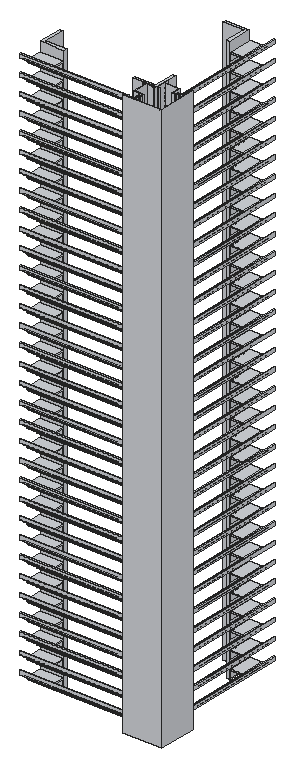
Revit family "ES-EL-2 (Box Corner)", category Mechanical Equipment, Revit 2015 (continued)
Automatic sketch dimensions
  Extrusion 64 sketch curve to Extrusion 64 sketch curve = 0' - 0.04794"
  Extrusion 64 sketch curve to Extrusion 64 sketch curve = 0' - 0.09251"
  Extrusion 64 sketch curve to Extrusion 64 sketch curve = 0' - 0.01641"
  Extrusion 64 sketch curve to Extrusion 64 sketch curve = 0' - 0.10787"
  Extrusion 64 sketch curve to Extrusion 64 sketch curve = 0' - 0.07052"
  Extrusion 64 sketch curve to Extrusion 64 sketch curve = 0' - 0.02971"
  Extrusion 64 sketch curve to Extrusion 64 sketch curve = 0' - 0.03652"
  Extrusion 64 sketch curve to Extrusion 64 sketch curve = 0' - 0.06407"
  Extrusion 64 sketch curve to Extrusion 64 sketch curve = 0' - 0.0028"
  Extrusion 64 sketch curve to Extrusion 64 sketch curve = 0' - 0.17908"
  Extrusion 64 sketch curve to Extrusion 64 sketch curve = 0' - 0.0484"
  Extrusion 64 sketch curve to Extrusion 64 sketch curve = 0' - 0.00685"
  Extrusion 64 sketch curve to Extrusion 64 sketch curve = 0' - 0.02635"
  Extrusion 64 sketch curve to Extrusion 64 sketch curve = 0' - 0.03989"
  Extrusion 64 sketch curve to Extrusion 64 sketch curve = 0' - 0.07851"
  Extrusion 64 sketch curve to Extrusion 64 sketch curve = 0' - 0.04274"
  Extrusion 64 sketch curve to Extrusion 64 sketch curve = 0' - 0.05351"
  Extrusion 64 sketch curve to Extrusion 64 sketch curve = 0' - 0.13725"
  Extrusion 64 sketch curve to Extrusion 64 sketch curve = 0' - 0.01694"
  Extrusion 64 sketch curve to Extrusion 64 sketch curve = 0' - 0.06256"
  Extrusion 64 sketch curve to Extrusion 64 sketch curve = 0' - 0.06379"
  Extrusion 64 sketch curve to Extrusion 64 sketch curve = 0' - 0.06947"
  Extrusion 64 sketch curve to Extrusion 64 sketch curve = 0' - 0.00615"
  Extrusion 64 sketch curve to Extrusion 64 sketch curve = 0' - 0.0107"
  Extrusion 64 sketch curve to Extrusion 64 sketch curve = 0' - 0.06383"
  Extrusion 64 sketch curve to Extrusion 64 sketch curve = 0' - 0.00524"
  Extrusion 64 sketch curve to Extrusion 64 sketch curve = 0' - 0.05333"
  Extrusion 64 sketch curve to Extrusion 64 sketch curve = 0' - 0.02167"
  Extrusion 64 sketch curve to Extrusion 64 sketch curve = 0' - 0.06255"
  Extrusion 64 sketch curve to Extrusion 64 sketch curve = 0' - 0.01996"
  Extrusion 64 sketch curve to Extrusion 64 sketch curve = 0' - 0.07389"
  Extrusion 64 sketch curve to Extrusion 64 sketch curve = 0' - 0.08882"
  Extrusion 64 sketch curve to Extrusion 64 sketch curve = 0' - 0.14048"
  Extrusion 64 sketch curve to Extrusion 64 sketch curve = 0' - 0.07571"
  Extrusion 64 sketch curve to Extrusion 64 sketch curve = 0' - 0.01536"
  Extrusion 64 sketch curve to Extrusion 64 sketch curve = 0' - 0.04056"
  Extrusion 64 sketch curve to Extrusion 64 sketch curve = 0' - 0.01509"
  Extrusion 64 sketch curve to Extrusion 64 sketch curve = 0' - 0.03469"
  Extrusion 64 sketch curve to Extrusion 64 sketch curve = 0' - 0.06126"
  Extrusion 64 sketch curve to Extrusion 64 sketch curve = 0' - 0.11488"
  Extrusion 64 sketch curve to Extrusion 64 sketch curve = 0' - 0.04313"
  Extrusion 64 sketch curve to Extrusion 64 sketch curve = 0' - 0.03758"
  Extrusion 64 sketch curve to Extrusion 64 sketch curve = 0' - 0.00683"
  Extrusion 64 sketch curve to Extrusion 64 sketch curve = 0' - 0.05466"
  Extrusion 64 sketch curve to Extrusion 64 sketch curve = 0' - 0.08634"
  Extrusion 64 sketch curve to Extrusion 64 sketch curve = 0' - 0.0603"
  Extrusion 64 sketch curve to Extrusion 64 sketch curve = 0' - 0.05923"
  Extrusion 64 sketch curve to Extrusion 64 sketch curve = 0' - 0.03824"
  Extrusion 64 sketch curve to Extrusion 64 sketch curve = 0' - 0.02856"
  Extrusion 64 sketch curve to Extrusion 64 sketch curve = 0' - 0.01716"
  Extrusion 64 sketch curve to Extrusion 64 sketch curve = 0' - 0.08747"
  Extrusion 64 sketch curve to Extrusion 64 sketch curve = 0' - 0.01878"
  Extrusion 64 sketch curve to Extrusion 64 sketch curve = 0' - 0.03113"
  Extrusion 64 sketch curve to Extrusion 64 sketch curve = 0' - 0.06323"
  Extrusion 64 sketch curve to Extrusion 64 sketch curve = 0' - 0.04564"
  Extrusion 64 sketch curve to Extrusion 64 sketch curve = 0' - 0.03681"
  Extrusion 64 sketch curve to Extrusion 64 sketch curve = 0' - 0.00656"
  Extrusion 64 sketch curve to Extrusion 64 sketch curve = 0' - 0.04106"
  Extrusion 64 sketch curve to Extrusion 64 sketch curve = 0' - 0.04775"
  Extrusion 64 sketch curve to Extrusion 64 sketch curve = 0' - 0.03768"
  Extrusion 64 sketch curve to Extrusion 64 sketch curve = 0' - 0.03841"
  Extrusion 64 sketch curve to Extrusion 64 sketch curve = 0' - 0.03993"
  Extrusion 64 sketch curve to Extrusion 64 sketch curve = 0' - 0.01637"
  Extrusion 64 sketch curve to Extrusion 64 sketch curve = 0' - 0 1/8"
  Extrusion 64 sketch curve to Extrusion 64 sketch curve = 0' - 0.03201"
  Extrusion 64 sketch curve to Extrusion 64 sketch curve = 0' - 0.01218"
  Extrusion 64 sketch curve to Extrusion 64 sketch curve = 0' - 0.00093"
  Extrusion 64 sketch curve to Extrusion 64 sketch curve = 0' - 0.06293"
  Extrusion 64 sketch curve to Extrusion 64 sketch curve = 0' - 0.01359"
  Extrusion 64 sketch curve to Extrusion 64 sketch curve = 0' - 0.06169"
  Extrusion 64 sketch curve to Extrusion 64 sketch curve = 0' - 0.06257"
  Extrusion 64 sketch curve to Extrusion 64 sketch curve = 0' - 0.20021"
  Extrusion 64 sketch curve to Extrusion 64 sketch curve = 0' - 0.05817"
  Extrusion 64 sketch curve to Extrusion 64 sketch curve = 0' - 0.10469"
  Extrusion 64 sketch curve to Extrusion 64 sketch curve = 0' - 0.03118"
  Extrusion 64 sketch curve to Extrusion 64 sketch curve = 0' - 0.14616"
  Extrusion 64 sketch curve to Extrusion 64 sketch curve = 0' - 0.04871"
  Extrusion 64 sketch curve to Extrusion 64 sketch curve = 0' - 0.05895"
  Extrusion 64 sketch curve to Extrusion 64 sketch curve = 0' - 0.04592"
  Extrusion 64 sketch curve to Extrusion 64 sketch curve = 0' - 0.05389"
  Extrusion 64 sketch curve to Extrusion 64 sketch curve = 0' - 0.04285"
  Extrusion 64 sketch curve to Extrusion 64 sketch curve = 0' - 0.07088"
  Extrusion 64 sketch curve to Extrusion 64 sketch curve = 0' - 0.11395"
  Extrusion 64 sketch curve to Extrusion 64 sketch curve = 0' - 0.28177"
  Extrusion 65 sketch curve to Extrusion 65 sketch curve = 0' - 0.059"
  Extrusion 65 sketch curve to Extrusion 65 sketch curve = 0' - 0.09455"
  Extrusion 65 sketch curve to Extrusion 65 sketch curve = 0' - 0.16713"
  Extrusion 65 sketch curve to Extrusion 65 sketch curve = 0' - 0.10396"
  Extrusion 65 sketch curve to Extrusion 65 sketch curve = 0' - 0.04188"
  Extrusion 65 sketch curve to Extrusion 65 sketch curve = 0' - 0.07328"
  Extrusion 65 sketch curve to Extrusion 65 sketch curve = 0' - 0.03705"
  Extrusion 65 sketch curve to Extrusion 65 sketch curve = 0' - 0.06678"
  Extrusion 65 sketch curve to Extrusion 65 sketch curve = 0' - 0.03441"
  Extrusion 65 sketch curve to Extrusion 65 sketch curve = 0' - 0.08971"
  Extrusion 65 sketch curve to Extrusion 65 sketch curve = 0' - 0.06591"
  Extrusion 65 sketch curve to Extrusion 65 sketch curve = 0' - 0.02101"
  Extrusion 65 sketch curve to Extrusion 65 sketch curve = 0' - 0.08093"
  Extrusion 65 sketch curve to Extrusion 65 sketch curve = 0' - 0.0092"
  Extrusion 65 sketch curve to Extrusion 65 sketch curve = 0' - 0.0249"
  Extrusion 65 sketch curve to Extrusion 65 sketch curve = 0' - 0.04679"
  Extrusion 65 sketch curve to Extrusion 65 sketch curve = 0' - 0.04475"
  Extrusion 65 sketch curve to Extrusion 65 sketch curve = 0' - 0.03472"
  Extrusion 65 sketch curve to Extrusion 65 sketch curve = 0' - 0.04794"
  Extrusion 65 sketch curve to Extrusion 65 sketch curve = 0' - 0.09251"
  Extrusion 65 sketch curve to Extrusion 65 sketch curve = 0' - 0.01641"
  Extrusion 65 sketch curve to Extrusion 65 sketch curve = 0' - 0.10787"
  Extrusion 65 sketch curve to Extrusion 65 sketch curve = 0' - 0.07052"
  Extrusion 65 sketch curve to Extrusion 65 sketch curve = 0' - 0.02971"
  Extrusion 65 sketch curve to Extrusion 65 sketch curve = 0' - 0.03652"
  Extrusion 65 sketch curve to Extrusion 65 sketch curve = 0' - 0.06407"
  Extrusion 65 sketch curve to Extrusion 65 sketch curve = 0' - 0.0028"
  Extrusion 65 sketch curve to Extrusion 65 sketch curve = 0' - 0.17908"
  Extrusion 65 sketch curve to Extrusion 65 sketch curve = 0' - 0.0484"
  Extrusion 65 sketch curve to Extrusion 65 sketch curve = 0' - 0.00685"
  Extrusion 65 sketch curve to Extrusion 65 sketch curve = 0' - 0.02635"
  Extrusion 65 sketch curve to Extrusion 65 sketch curve = 0' - 0.03989"
  Extrusion 65 sketch curve to Extrusion 65 sketch curve = 0' - 0.07851"
  Extrusion 65 sketch curve to Extrusion 65 sketch curve = 0' - 0.04274"
  Extrusion 65 sketch curve to Extrusion 65 sketch curve = 0' - 0.05351"
  Extrusion 65 sketch curve to Extrusion 65 sketch curve = 0' - 0.13725"
  Extrusion 65 sketch curve to Extrusion 65 sketch curve = 0' - 0.01694"
  Extrusion 65 sketch curve to Extrusion 65 sketch curve = 0' - 0.06256"
  Extrusion 65 sketch curve to Extrusion 65 sketch curve = 0' - 0.06379"
  Extrusion 65 sketch curve to Extrusion 65 sketch curve = 0' - 0.06947"
  Extrusion 65 sketch curve to Extrusion 65 sketch curve = 0' - 0.00615"
  Extrusion 65 sketch curve to Extrusion 65 sketch curve = 0' - 0.0107"
  Extrusion 65 sketch curve to Extrusion 65 sketch curve = 0' - 0.06383"
  Extrusion 65 sketch curve to Extrusion 65 sketch curve = 0' - 0.00524"
  Extrusion 65 sketch curve to Extrusion 65 sketch curve = 0' - 0.05333"
  Extrusion 65 sketch curve to Extrusion 65 sketch curve = 0' - 0.02167"
  Extrusion 65 sketch curve to Extrusion 65 sketch curve = 0' - 0.06255"
  Extrusion 65 sketch curve to Extrusion 65 sketch curve = 0' - 0.01996"
  Extrusion 65 sketch curve to Extrusion 65 sketch curve = 0' - 0.07389"
  Extrusion 65 sketch curve to Extrusion 65 sketch curve = 0' - 0.08882"
  Extrusion 65 sketch curve to Extrusion 65 sketch curve = 0' - 0.14048"
  Extrusion 65 sketch curve to Extrusion 65 sketch curve = 0' - 0.07571"
  Extrusion 65 sketch curve to Extrusion 65 sketch curve = 0' - 0.01536"
  Extrusion 65 sketch curve to Extrusion 65 sketch curve = 0' - 0.04056"
  Extrusion 65 sketch curve to Extrusion 65 sketch curve = 0' - 0.01509"
  Extrusion 65 sketch curve to Extrusion 65 sketch curve = 0' - 0.03469"
  Extrusion 65 sketch curve to Extrusion 65 sketch curve = 0' - 0.06126"
  Extrusion 65 sketch curve to Extrusion 65 sketch curve = 0' - 0.11488"
  Extrusion 65 sketch curve to Extrusion 65 sketch curve = 0' - 0.04313"
  Extrusion 65 sketch curve to Extrusion 65 sketch curve = 0' - 0.03758"
  Extrusion 65 sketch curve to Extrusion 65 sketch curve = 0' - 0.00683"
  Extrusion 65 sketch curve to Extrusion 65 sketch curve = 0' - 0.05466"
  Extrusion 65 sketch curve to Extrusion 65 sketch curve = 0' - 0.08634"
  Extrusion 65 sketch curve to Extrusion 65 sketch curve = 0' - 0.0603"
  Extrusion 65 sketch curve to Extrusion 65 sketch curve = 0' - 0.05923"
  Extrusion 65 sketch curve to Extrusion 65 sketch curve = 0' - 0.03824"
  Extrusion 65 sketch curve to Extrusion 65 sketch curve = 0' - 0.02856"
  Extrusion 65 sketch curve to Extrusion 65 sketch curve = 0' - 0.01716"
  Extrusion 65 sketch curve to Extrusion 65 sketch curve = 0' - 0.08747"
  Extrusion 65 sketch curve to Extrusion 65 sketch curve = 0' - 0.01878"
  Extrusion 65 sketch curve to Extrusion 65 sketch curve = 0' - 0.03113"
  Extrusion 65 sketch curve to Extrusion 65 sketch curve = 0' - 0.06323"
  Extrusion 65 sketch curve to Extrusion 65 sketch curve = 0' - 0.04564"
  Extrusion 65 sketch curve to Extrusion 65 sketch curve = 0' - 0.03681"
  Extrusion 65 sketch curve to Extrusion 65 sketch curve = 0' - 0.00656"
  Extrusion 65 sketch curve to Extrusion 65 sketch curve = 0' - 0.04106"
  Extrusion 65 sketch curve to Extrusion 65 sketch curve = 0' - 0.04775"
  Extrusion 65 sketch curve to Extrusion 65 sketch curve = 0' - 0.03768"
  Extrusion 65 sketch curve to Extrusion 65 sketch curve = 0' - 0.03841"
  Extrusion 65 sketch curve to Extrusion 65 sketch curve = 0' - 0.03993"
  Extrusion 65 sketch curve to Extrusion 65 sketch curve = 0' - 0.01637"
  Extrusion 65 sketch curve to Extrusion 65 sketch curve = 0' - 0 1/8"
  Extrusion 65 sketch curve to Extrusion 65 sketch curve = 0' - 0.03201"
  Extrusion 65 sketch curve to Extrusion 65 sketch curve = 0' - 0.01218"
  Extrusion 65 sketch curve to Extrusion 65 sketch curve = 0' - 0.00093"
  Extrusion 65 sketch curve to Extrusion 65 sketch curve = 0' - 0.06293"
  Extrusion 65 sketch curve to Extrusion 65 sketch curve = 0' - 0.01359"
  Extrusion 65 sketch curve to Extrusion 65 sketch curve = 0' - 0.06169"
  Extrusion 65 sketch curve to Extrusion 65 sketch curve = 0' - 0.06257"
  Extrusion 65 sketch curve to Extrusion 65 sketch curve = 0' - 0.20021"
  Extrusion 65 sketch curve to Extrusion 65 sketch curve = 0' - 0.05817"
  Extrusion 65 sketch curve to Extrusion 65 sketch curve = 0' - 0.10469"
  Extrusion 65 sketch curve to Extrusion 65 sketch curve = 0' - 0.03118"
  Extrusion 65 sketch curve to Extrusion 65 sketch curve = 0' - 0.14616"
  Extrusion 65 sketch curve to Extrusion 65 sketch curve = 0' - 0.04871"
  Extrusion 65 sketch curve to Extrusion 65 sketch curve = 0' - 0.05895"
  Extrusion 65 sketch curve to Extrusion 65 sketch curve = 0' - 0.04592"
  Extrusion 65 sketch curve to Extrusion 65 sketch curve = 0' - 0.05389"
  Extrusion 65 sketch curve to Extrusion 65 sketch curve = 0' - 0.04285"
  Extrusion 65 sketch curve to Extrusion 65 sketch curve = 0' - 0.07088"
  Extrusion 65 sketch curve to Extrusion 65 sketch curve = 0' - 0.11395"
  Extrusion 65 sketch curve to Extrusion 65 sketch curve = 0' - 0.28177"
  Extrusion 66 sketch curve to Extrusion 66 sketch curve = 0' - 0.059"
  Extrusion 66 sketch curve to Extrusion 66 sketch curve = 0' - 0.09455"
  Extrusion 66 sketch curve to Extrusion 66 sketch curve = 0' - 0.16713"
  Extrusion 66 sketch curve to Extrusion 66 sketch curve = 0' - 0.10396"
  Extrusion 66 sketch curve to Extrusion 66 sketch curve = 0' - 0.04188"
  Extrusion 66 sketch curve to Extrusion 66 sketch curve = 0' - 0.07328"
  Extrusion 66 sketch curve to Extrusion 66 sketch curve = 0' - 0.03705"
  Extrusion 66 sketch curve to Extrusion 66 sketch curve = 0' - 0.06678"
  Extrusion 66 sketch curve to Extrusion 66 sketch curve = 0' - 0.03441"
  Extrusion 66 sketch curve to Extrusion 66 sketch curve = 0' - 0.08971"
  Extrusion 66 sketch curve to Extrusion 66 sketch curve = 0' - 0.06591"
  Extrusion 66 sketch curve to Extrusion 66 sketch curve = 0' - 0.02101"
  Extrusion 66 sketch curve to Extrusion 66 sketch curve = 0' - 0.08093"
  Extrusion 66 sketch curve to Extrusion 66 sketch curve = 0' - 0.0092"
  Extrusion 66 sketch curve to Extrusion 66 sketch curve = 0' - 0.0249"
  Extrusion 66 sketch curve to Extrusion 66 sketch curve = 0' - 0.04679"
  Extrusion 66 sketch curve to Extrusion 66 sketch curve = 0' - 0.04475"
  Extrusion 66 sketch curve to Extrusion 66 sketch curve = 0' - 0.03472"
  Extrusion 66 sketch curve to Extrusion 66 sketch curve = 0' - 0.04794"
  Extrusion 66 sketch curve to Extrusion 66 sketch curve = 0' - 0.09251"
  Extrusion 66 sketch curve to Extrusion 66 sketch curve = 0' - 0.01641"
  Extrusion 66 sketch curve to Extrusion 66 sketch curve = 0' - 0.10787"
  Extrusion 66 sketch curve to Extrusion 66 sketch curve = 0' - 0.07052"
  Extrusion 66 sketch curve to Extrusion 66 sketch curve = 0' - 0.02971"
  Extrusion 66 sketch curve to Extrusion 66 sketch curve = 0' - 0.03652"
  Extrusion 66 sketch curve to Extrusion 66 sketch curve = 0' - 0.06407"
  Extrusion 66 sketch curve to Extrusion 66 sketch curve = 0' - 0.0028"
  Extrusion 66 sketch curve to Extrusion 66 sketch curve = 0' - 0.17908"
  Extrusion 66 sketch curve to Extrusion 66 sketch curve = 0' - 0.0484"
  Extrusion 66 sketch curve to Extrusion 66 sketch curve = 0' - 0.00685"
  Extrusion 66 sketch curve to Extrusion 66 sketch curve = 0' - 0.02635"
  Extrusion 66 sketch curve to Extrusion 66 sketch curve = 0' - 0.03989"
  Extrusion 66 sketch curve to Extrusion 66 sketch curve = 0' - 0.07851"
  Extrusion 66 sketch curve to Extrusion 66 sketch curve = 0' - 0.04274"
  Extrusion 66 sketch curve to Extrusion 66 sketch curve = 0' - 0.05351"
  Extrusion 66 sketch curve to Extrusion 66 sketch curve = 0' - 0.13725"
  Extrusion 66 sketch curve to Extrusion 66 sketch curve = 0' - 0.01694"
  Extrusion 66 sketch curve to Extrusion 66 sketch curve = 0' - 0.06256"
  Extrusion 66 sketch curve to Extrusion 66 sketch curve = 0' - 0.06379"
  Extrusion 66 sketch curve to Extrusion 66 sketch curve = 0' - 0.06947"
  Extrusion 66 sketch curve to Extrusion 66 sketch curve = 0' - 0.00615"
  Extrusion 66 sketch curve to Extrusion 66 sketch curve = 0' - 0.0107"
  Extrusion 66 sketch curve to Extrusion 66 sketch curve = 0' - 0.06383"
  Extrusion 66 sketch curve to Extrusion 66 sketch curve = 0' - 0.00524"
  Extrusion 66 sketch curve to Extrusion 66 sketch curve = 0' - 0.05333"
  Extrusion 66 sketch curve to Extrusion 66 sketch curve = 0' - 0.02167"
  Extrusion 66 sketch curve to Extrusion 66 sketch curve = 0' - 0.06255"
  Extrusion 66 sketch curve to Extrusion 66 sketch curve = 0' - 0.01996"
  Extrusion 66 sketch curve to Extrusion 66 sketch curve = 0' - 0.07389"
  Extrusion 66 sketch curve to Extrusion 66 sketch curve = 0' - 0.08882"
  Extrusion 66 sketch curve to Extrusion 66 sketch curve = 0' - 0.14048"
  Extrusion 66 sketch curve to Extrusion 66 sketch curve = 0' - 0.07571"
  Extrusion 66 sketch curve to Extrusion 66 sketch curve = 0' - 0.01536"
  Extrusion 66 sketch curve to Extrusion 66 sketch curve = 0' - 0.04056"
  Extrusion 66 sketch curve to Extrusion 66 sketch curve = 0' - 0.01509"
  Extrusion 66 sketch curve to Extrusion 66 sketch curve = 0' - 0.03469"
  Extrusion 66 sketch curve to Extrusion 66 sketch curve = 0' - 0.06126"
  Extrusion 66 sketch curve to Extrusion 66 sketch curve = 0' - 0.11488"
  Extrusion 66 sketch curve to Extrusion 66 sketch curve = 0' - 0.04313"
  Extrusion 66 sketch curve to Extrusion 66 sketch curve = 0' - 0.03758"
  Extrusion 66 sketch curve to Extrusion 66 sketch curve = 0' - 0.00683"
  Extrusion 66 sketch curve to Extrusion 66 sketch curve = 0' - 0.05466"
  Extrusion 66 sketch curve to Extrusion 66 sketch curve = 0' - 0.08634"
  Extrusion 66 sketch curve to Extrusion 66 sketch curve = 0' - 0.0603"
  Extrusion 66 sketch curve to Extrusion 66 sketch curve = 0' - 0.05923"
  Extrusion 66 sketch curve to Extrusion 66 sketch curve = 0' - 0.03824"
  Extrusion 66 sketch curve to Extrusion 66 sketch curve = 0' - 0.02856"
  Extrusion 66 sketch curve to Extrusion 66 sketch curve = 0' - 0.01716"
  Extrusion 66 sketch curve to Extrusion 66 sketch curve = 0' - 0.08747"
  Extrusion 66 sketch curve to Extrusion 66 sketch curve = 0' - 0.01878"
  Extrusion 66 sketch curve to Extrusion 66 sketch curve = 0' - 0.03113"
  Extrusion 66 sketch curve to Extrusion 66 sketch curve = 0' - 0.06323"
  Extrusion 66 sketch curve to Extrusion 66 sketch curve = 0' - 0.04564"
  Extrusion 66 sketch curve to Extrusion 66 sketch curve = 0' - 0.03681"
  Extrusion 66 sketch curve to Extrusion 66 sketch curve = 0' - 0.00656"
  Extrusion 66 sketch curve to Extrusion 66 sketch curve = 0' - 0.04106"
  Extrusion 66 sketch curve to Extrusion 66 sketch curve = 0' - 0.04775"
  Extrusion 66 sketch curve to Extrusion 66 sketch curve = 0' - 0.03768"
  Extrusion 66 sketch curve to Extrusion 66 sketch curve = 0' - 0.03841"
  Extrusion 66 sketch curve to Extrusion 66 sketch curve = 0' - 0.03993"
  Extrusion 66 sketch curve to Extrusion 66 sketch curve = 0' - 0.01637"
  Extrusion 66 sketch curve to Extrusion 66 sketch curve = 0' - 0 1/8"
  Extrusion 66 sketch curve to Extrusion 66 sketch curve = 0' - 0.03201"
  Extrusion 66 sketch curve to Extrusion 66 sketch curve = 0' - 0.01218"
  Extrusion 66 sketch curve to Extrusion 66 sketch curve = 0' - 0.00093"
  Extrusion 66 sketch curve to Extrusion 66 sketch curve = 0' - 0.06293"
  Extrusion 66 sketch curve to Extrusion 66 sketch curve = 0' - 0.01359"
  Extrusion 66 sketch curve to Extrusion 66 sketch curve = 0' - 0.06169"
  Extrusion 66 sketch curve to Extrusion 66 sketch curve = 0' - 0.06257"
  Extrusion 66 sketch curve to Extrusion 66 sketch curve = 0' - 0.20021"
  Extrusion 66 sketch curve to Extrusion 66 sketch curve = 0' - 0.05817"
  Extrusion 66 sketch curve to Extrusion 66 sketch curve = 0' - 0.10469"
  Extrusion 66 sketch curve to Extrusion 66 sketch curve = 0' - 0.03118"
  Extrusion 66 sketch curve to Extrusion 66 sketch curve = 0' - 0.14616"
  Extrusion 66 sketch curve to Extrusion 66 sketch curve = 0' - 0.04871"
  Extrusion 66 sketch curve to Extrusion 66 sketch curve = 0' - 0.05895"
  Extrusion 66 sketch curve to Extrusion 66 sketch curve = 0' - 0.04592"
  Extrusion 66 sketch curve to Extrusion 66 sketch curve = 0' - 0.05389"
  Extrusion 66 sketch curve to Extrusion 66 sketch curve = 0' - 0.04285"
  Extrusion 66 sketch curve to Extrusion 66 sketch curve = 0' - 0.07088"
  Extrusion 66 sketch curve to Extrusion 66 sketch curve = 0' - 0.11395"
  Extrusion 66 sketch curve to Extrusion 66 sketch curve = 0' - 0.28177"
  Extrusion 67 sketch curve to Extrusion 67 sketch curve = 0' - 0.059"
  Extrusion 67 sketch curve to Extrusion 67 sketch curve = 0' - 0.09455"
  Extrusion 67 sketch curve to Extrusion 67 sketch curve = 0' - 0.16713"
  Extrusion 67 sketch curve to Extrusion 67 sketch curve = 0' - 0.10396"
  Extrusion 67 sketch curve to Extrusion 67 sketch curve = 0' - 0.04188"
  Extrusion 67 sketch curve to Extrusion 67 sketch curve = 0' - 0.07328"
  Extrusion 67 sketch curve to Extrusion 67 sketch curve = 0' - 0.03705"
  Extrusion 67 sketch curve to Extrusion 67 sketch curve = 0' - 0.06678"
  Extrusion 67 sketch curve to Extrusion 67 sketch curve = 0' - 0.03441"
  Extrusion 67 sketch curve to Extrusion 67 sketch curve = 0' - 0.08971"
  Extrusion 67 sketch curve to Extrusion 67 sketch curve = 0' - 0.06591"
  Extrusion 67 sketch curve to Extrusion 67 sketch curve = 0' - 0.02101"
  Extrusion 67 sketch curve to Extrusion 67 sketch curve = 0' - 0.08093"
  Extrusion 67 sketch curve to Extrusion 67 sketch curve = 0' - 0.0092"
  Extrusion 67 sketch curve to Extrusion 67 sketch curve = 0' - 0.0249"
  Extrusion 67 sketch curve to Extrusion 67 sketch curve = 0' - 0.04679"
  Extrusion 67 sketch curve to Extrusion 67 sketch curve = 0' - 0.04475"
  Extrusion 67 sketch curve to Extrusion 67 sketch curve = 0' - 0.03472"
  Extrusion 67 sketch curve to Extrusion 67 sketch curve = 0' - 0.04794"
  Extrusion 67 sketch curve to Extrusion 67 sketch curve = 0' - 0.09251"
  Extrusion 67 sketch curve to Extrusion 67 sketch curve = 0' - 0.01641"
  Extrusion 67 sketch curve to Extrusion 67 sketch curve = 0' - 0.10787"
  Extrusion 67 sketch curve to Extrusion 67 sketch curve = 0' - 0.07052"
  Extrusion 67 sketch curve to Extrusion 67 sketch curve = 0' - 0.02971"
  Extrusion 67 sketch curve to Extrusion 67 sketch curve = 0' - 0.03652"
  Extrusion 67 sketch curve to Extrusion 67 sketch curve = 0' - 0.06407"
  Extrusion 67 sketch curve to Extrusion 67 sketch curve = 0' - 0.0028"
  Extrusion 67 sketch curve to Extrusion 67 sketch curve = 0' - 0.17908"
  Extrusion 67 sketch curve to Extrusion 67 sketch curve = 0' - 0.0484"
  Extrusion 67 sketch curve to Extrusion 67 sketch curve = 0' - 0.00685"
  Extrusion 67 sketch curve to Extrusion 67 sketch curve = 0' - 0.02635"
  Extrusion 67 sketch curve to Extrusion 67 sketch curve = 0' - 0.03989"
  Extrusion 67 sketch curve to Extrusion 67 sketch curve = 0' - 0.07851"
  Extrusion 67 sketch curve to Extrusion 67 sketch curve = 0' - 0.04274"
  Extrusion 67 sketch curve to Extrusion 67 sketch curve = 0' - 0.05351"
  Extrusion 67 sketch curve to Extrusion 67 sketch curve = 0' - 0.13725"
  Extrusion 67 sketch curve to Extrusion 67 sketch curve = 0' - 0.01694"
  Extrusion 67 sketch curve to Extrusion 67 sketch curve = 0' - 0.06256"
  Extrusion 67 sketch curve to Extrusion 67 sketch curve = 0' - 0.06379"
  Extrusion 67 sketch curve to Extrusion 67 sketch curve = 0' - 0.06947"
  Extrusion 67 sketch curve to Extrusion 67 sketch curve = 0' - 0.00615"
  Extrusion 67 sketch curve to Extrusion 67 sketch curve = 0' - 0.0107"
  Extrusion 67 sketch curve to Extrusion 67 sketch curve = 0' - 0.06383"
  Extrusion 67 sketch curve to Extrusion 67 sketch curve = 0' - 0.00524"
  Extrusion 67 sketch curve to Extrusion 67 sketch curve = 0' - 0.05333"
  Extrusion 67 sketch curve to Extrusion 67 sketch curve = 0' - 0.02167"
  Extrusion 67 sketch curve to Extrusion 67 sketch curve = 0' - 0.06255"
  Extrusion 67 sketch curve to Extrusion 67 sketch curve = 0' - 0.01996"
  Extrusion 67 sketch curve to Extrusion 67 sketch curve = 0' - 0.07389"
  Extrusion 67 sketch curve to Extrusion 67 sketch curve = 0' - 0.08882"
  Extrusion 67 sketch curve to Extrusion 67 sketch curve = 0' - 0.14048"
  Extrusion 67 sketch curve to Extrusion 67 sketch curve = 0' - 0.07571"
  Extrusion 67 sketch curve to Extrusion 67 sketch curve = 0' - 0.01536"
  Extrusion 67 sketch curve to Extrusion 67 sketch curve = 0' - 0.04056"
  Extrusion 67 sketch curve to Extrusion 67 sketch curve = 0' - 0.01509"
  Extrusion 67 sketch curve to Extrusion 67 sketch curve = 0' - 0.03469"
  Extrusion 67 sketch curve to Extrusion 67 sketch curve = 0' - 0.06126"
  Extrusion 67 sketch curve to Extrusion 67 sketch curve = 0' - 0.11488"
  Extrusion 67 sketch curve to Extrusion 67 sketch curve = 0' - 0.04313"
  Extrusion 67 sketch curve to Extrusion 67 sketch curve = 0' - 0.03758"
  Extrusion 67 sketch curve to Extrusion 67 sketch curve = 0' - 0.00683"
  Extrusion 67 sketch curve to Extrusion 67 sketch curve = 0' - 0.05466"
  Extrusion 67 sketch curve to Extrusion 67 sketch curve = 0' - 0.08634"
  Extrusion 67 sketch curve to Extrusion 67 sketch curve = 0' - 0.0603"
  Extrusion 67 sketch curve to Extrusion 67 sketch curve = 0' - 0.05923"
  Extrusion 67 sketch curve to Extrusion 67 sketch curve = 0' - 0.03824"
  Extrusion 67 sketch curve to Extrusion 67 sketch curve = 0' - 0.02856"
  Extrusion 67 sketch curve to Extrusion 67 sketch curve = 0' - 0.01716"
  Extrusion 67 sketch curve to Extrusion 67 sketch curve = 0' - 0.08747"
  Extrusion 67 sketch curve to Extrusion 67 sketch curve = 0' - 0.01878"
  Extrusion 67 sketch curve to Extrusion 67 sketch curve = 0' - 0.03113"
  Extrusion 67 sketch curve to Extrusion 67 sketch curve = 0' - 0.06323"
  Extrusion 67 sketch curve to Extrusion 67 sketch curve = 0' - 0.04564"
  Extrusion 67 sketch curve to Extrusion 67 sketch curve = 0' - 0.03681"
  Extrusion 67 sketch curve to Extrusion 67 sketch curve = 0' - 0.00656"
  Extrusion 67 sketch curve to Extrusion 67 sketch curve = 0' - 0.04106"
  Extrusion 67 sketch curve to Extrusion 67 sketch curve = 0' - 0.04775"
  Extrusion 67 sketch curve to Extrusion 67 sketch curve = 0' - 0.03768"
  Extrusion 67 sketch curve to Extrusion 67 sketch curve = 0' - 0.03841"
  Extrusion 67 sketch curve to Extrusion 67 sketch curve = 0' - 0.03993"
  Extrusion 67 sketch curve to Extrusion 67 sketch curve = 0' - 0.01637"
  Extrusion 67 sketch curve to Extrusion 67 sketch curve = 0' - 0 1/8"
  Extrusion 67 sketch curve to Extrusion 67 sketch curve = 0' - 0.03201"
  Extrusion 67 sketch curve to Extrusion 67 sketch curve = 0' - 0.01218"
  Extrusion 67 sketch curve to Extrusion 67 sketch curve = 0' - 0.00093"
  Extrusion 67 sketch curve to Extrusion 67 sketch curve = 0' - 0.06293"
  Extrusion 67 sketch curve to Extrusion 67 sketch curve = 0' - 0.01359"
  Extrusion 67 sketch curve to Extrusion 67 sketch curve = 0' - 0.06169"
  Extrusion 67 sketch curve to Extrusion 67 sketch curve = 0' - 0.06257"
  Extrusion 67 sketch curve to Extrusion 67 sketch curve = 0' - 0.20021"
  Extrusion 67 sketch curve to Extrusion 67 sketch curve = 0' - 0.05817"
  Extrusion 67 sketch curve to Extrusion 67 sketch curve = 0' - 0.10469"
  Extrusion 67 sketch curve to Extrusion 67 sketch curve = 0' - 0.03118"
  Extrusion 67 sketch curve to Extrusion 67 sketch curve = 0' - 0.14616"
  Extrusion 67 sketch curve to Extrusion 67 sketch curve = 0' - 0.04871"
  Extrusion 67 sketch curve to Extrusion 67 sketch curve = 0' - 0.05895"
  Extrusion 67 sketch curve to Extrusion 67 sketch curve = 0' - 0.04592"
  Extrusion 67 sketch curve to Extrusion 67 sketch curve = 0' - 0.05389"
  Extrusion 67 sketch curve to Extrusion 67 sketch curve = 0' - 0.04285"
  Extrusion 67 sketch curve to Extrusion 67 sketch curve = 0' - 0.07088"
  Extrusion 67 sketch curve to Extrusion 67 sketch curve = 0' - 0.11395"
  Extrusion 67 sketch curve to Extrusion 67 sketch curve = 0' - 0.28177"
  Extrusion 68 sketch curve to Extrusion 68 sketch curve = 0' - 0.059"
  Extrusion 68 sketch curve to Extrusion 68 sketch curve = 0' - 0.09455"
  Extrusion 68 sketch curve to Extrusion 68 sketch curve = 0' - 0.16713"
  Extrusion 68 sketch curve to Extrusion 68 sketch curve = 0' - 0.10396"
  Extrusion 68 sketch curve to Extrusion 68 sketch curve = 0' - 0.04188"
  Extrusion 68 sketch curve to Extrusion 68 sketch curve = 0' - 0.07328"
  Extrusion 68 sketch curve to Extrusion 68 sketch curve = 0' - 0.03705"
  Extrusion 68 sketch curve to Extrusion 68 sketch curve = 0' - 0.06678"
  Extrusion 68 sketch curve to Extrusion 68 sketch curve = 0' - 0.03441"
  Extrusion 68 sketch curve to Extrusion 68 sketch curve = 0' - 0.08971"
  Extrusion 68 sketch curve to Extrusion 68 sketch curve = 0' - 0.06591"
  Extrusion 68 sketch curve to Extrusion 68 sketch curve = 0' - 0.02101"
  Extrusion 68 sketch curve to Extrusion 68 sketch curve = 0' - 0.08093"
  Extrusion 68 sketch curve to Extrusion 68 sketch curve = 0' - 0.0092"
  Extrusion 68 sketch curve to Extrusion 68 sketch curve = 0' - 0.0249"
  Extrusion 68 sketch curve to Extrusion 68 sketch curve = 0' - 0.04679"
  Extrusion 68 sketch curve to Extrusion 68 sketch curve = 0' - 0.04475"
  Extrusion 68 sketch curve to Extrusion 68 sketch curve = 0' - 0.03472"
  Extrusion 68 sketch curve to Extrusion 68 sketch curve = 0' - 0.04794"
  Extrusion 68 sketch curve to Extrusion 68 sketch curve = 0' - 0.09251"
  Extrusion 68 sketch curve to Extrusion 68 sketch curve = 0' - 0.01641"
  Extrusion 68 sketch curve to Extrusion 68 sketch curve = 0' - 0.10787"
  Extrusion 68 sketch curve to Extrusion 68 sketch curve = 0' - 0.07052"
  Extrusion 68 sketch curve to Extrusion 68 sketch curve = 0' - 0.02971"
  Extrusion 68 sketch curve to Extrusion 68 sketch curve = 0' - 0.03652"
  Extrusion 68 sketch curve to Extrusion 68 sketch curve = 0' - 0.06407"
  Extrusion 68 sketch curve to Extrusion 68 sketch curve = 0' - 0.0028"
  Extrusion 68 sketch curve to Extrusion 68 sketch curve = 0' - 0.17908"
  Extrusion 68 sketch curve to Extrusion 68 sketch curve = 0' - 0.0484"
  Extrusion 68 sketch curve to Extrusion 68 sketch curve = 0' - 0.00685"
  Extrusion 68 sketch curve to Extrusion 68 sketch curve = 0' - 0.02635"
  Extrusion 68 sketch curve to Extrusion 68 sketch curve = 0' - 0.03989"
  Extrusion 68 sketch curve to Extrusion 68 sketch curve = 0' - 0.07851"
  Extrusion 68 sketch curve to Extrusion 68 sketch curve = 0' - 0.04274"
  Extrusion 68 sketch curve to Extrusion 68 sketch curve = 0' - 0.05351"
  Extrusion 68 sketch curve to Extrusion 68 sketch curve = 0' - 0.13725"
  Extrusion 68 sketch curve to Extrusion 68 sketch curve = 0' - 0.01694"
  Extrusion 68 sketch curve to Extrusion 68 sketch curve = 0' - 0.06256"
  Extrusion 68 sketch curve to Extrusion 68 sketch curve = 0' - 0.06379"
  Extrusion 68 sketch curve to Extrusion 68 sketch curve = 0' - 0.06947"
  Extrusion 68 sketch curve to Extrusion 68 sketch curve = 0' - 0.00615"
  Extrusion 68 sketch curve to Extrusion 68 sketch curve = 0' - 0.0107"
  Extrusion 68 sketch curve to Extrusion 68 sketch curve = 0' - 0.06383"
  Extrusion 68 sketch curve to Extrusion 68 sketch curve = 0' - 0.00524"
  Extrusion 68 sketch curve to Extrusion 68 sketch curve = 0' - 0.05333"
  Extrusion 68 sketch curve to Extrusion 68 sketch curve = 0' - 0.02167"
  Extrusion 68 sketch curve to Extrusion 68 sketch curve = 0' - 0.06255"
  Extrusion 68 sketch curve to Extrusion 68 sketch curve = 0' - 0.01996"
  Extrusion 68 sketch curve to Extrusion 68 sketch curve = 0' - 0.07389"
  Extrusion 68 sketch curve to Extrusion 68 sketch curve = 0' - 0.08882"
  Extrusion 68 sketch curve to Extrusion 68 sketch curve = 0' - 0.14048"
  Extrusion 68 sketch curve to Extrusion 68 sketch curve = 0' - 0.07571"
  Extrusion 68 sketch curve to Extrusion 68 sketch curve = 0' - 0.01536"
  Extrusion 68 sketch curve to Extrusion 68 sketch curve = 0' - 0.04056"
  Extrusion 68 sketch curve to Extrusion 68 sketch curve = 0' - 0.01509"
  Extrusion 68 sketch curve to Extrusion 68 sketch curve = 0' - 0.03469"
  Extrusion 68 sketch curve to Extrusion 68 sketch curve = 0' - 0.06126"
  Extrusion 68 sketch curve to Extrusion 68 sketch curve = 0' - 0.11488"
  Extrusion 68 sketch curve to Extrusion 68 sketch curve = 0' - 0.04313"
  Extrusion 68 sketch curve to Extrusion 68 sketch curve = 0' - 0.03758"
  Extrusion 68 sketch curve to Extrusion 68 sketch curve = 0' - 0.00683"
  Extrusion 68 sketch curve to Extrusion 68 sketch curve = 0' - 0.05466"
  Extrusion 68 sketch curve to Extrusion 68 sketch curve = 0' - 0.08634"
  Extrusion 68 sketch curve to Extrusion 68 sketch curve = 0' - 0.0603"
  Extrusion 68 sketch curve to Extrusion 68 sketch curve = 0' - 0.05923"
  Extrusion 68 sketch curve to Extrusion 68 sketch curve = 0' - 0.03824"
  Extrusion 68 sketch curve to Extrusion 68 sketch curve = 0' - 0.02856"
  Extrusion 68 sketch curve to Extrusion 68 sketch curve = 0' - 0.01716"
  Extrusion 68 sketch curve to Extrusion 68 sketch curve = 0' - 0.08747"
  Extrusion 68 sketch curve to Extrusion 68 sketch curve = 0' - 0.01878"
  Extrusion 68 sketch curve to Extrusion 68 sketch curve = 0' - 0.03113"
  Extrusion 68 sketch curve to Extrusion 68 sketch curve = 0' - 0.06323"
  Extrusion 68 sketch curve to Extrusion 68 sketch curve = 0' - 0.04564"
  Extrusion 68 sketch curve to Extrusion 68 sketch curve = 0' - 0.03681"
  Extrusion 68 sketch curve to Extrusion 68 sketch curve = 0' - 0.00656"
  Extrusion 68 sketch curve to Extrusion 68 sketch curve = 0' - 0.04106"
  Extrusion 68 sketch curve to Extrusion 68 sketch curve = 0' - 0.04775"
  Extrusion 68 sketch curve to Extrusion 68 sketch curve = 0' - 0.03768"
  Extrusion 68 sketch curve to Extrusion 68 sketch curve = 0' - 0.03841"
  Extrusion 68 sketch curve to Extrusion 68 sketch curve = 0' - 0.03993"
  Extrusion 68 sketch curve to Extrusion 68 sketch curve = 0' - 0.01637"
  Extrusion 68 sketch curve to Extrusion 68 sketch curve = 0' - 0 1/8"
  Extrusion 68 sketch curve to Extrusion 68 sketch curve = 0' - 0.03201"
  Extrusion 68 sketch curve to Extrusion 68 sketch curve = 0' - 0.01218"
  Extrusion 68 sketch curve to Extrusion 68 sketch curve = 0' - 0.00093"
  Extrusion 68 sketch curve to Extrusion 68 sketch curve = 0' - 0.06293"
  Extrusion 68 sketch curve to Extrusion 68 sketch curve = 0' - 0.01359"
  Extrusion 68 sketch curve to Extrusion 68 sketch curve = 0' - 0.06169"
  Extrusion 68 sketch curve to Extrusion 68 sketch curve = 0' - 0.06257"
  Extrusion 68 sketch curve to Extrusion 68 sketch curve = 0' - 0.20021"
  Extrusion 68 sketch curve to Extrusion 68 sketch curve = 0' - 0.05817"
  Extrusion 68 sketch curve to Extrusion 68 sketch curve = 0' - 0.10469"
  Extrusion 68 sketch curve to Extrusion 68 sketch curve = 0' - 0.03118"
  Extrusion 68 sketch curve to Extrusion 68 sketch curve = 0' - 0.14616"
  Extrusion 68 sketch curve to Extrusion 68 sketch curve = 0' - 0.04871"
  Extrusion 68 sketch curve to Extrusion 68 sketch curve = 0' - 0.05895"
  Extrusion 68 sketch curve to Extrusion 68 sketch curve = 0' - 0.04592"
  Extrusion 68 sketch curve to Extrusion 68 sketch curve = 0' - 0.05389"
  Extrusion 68 sketch curve to Extrusion 68 sketch curve = 0' - 0.04285"
  Extrusion 68 sketch curve to Extrusion 68 sketch curve = 0' - 0.07088"
  Extrusion 68 sketch curve to Extrusion 68 sketch curve = 0' - 0.11395"
  Extrusion 68 sketch curve to Extrusion 68 sketch curve = 0' - 0.28177"
  Extrusion 69 sketch curve to Extrusion 69 sketch curve = 0' - 0.059"
  Extrusion 69 sketch curve to Extrusion 69 sketch curve = 0' - 0.09455"
  Extrusion 69 sketch curve to Extrusion 69 sketch curve = 0' - 0.16713"
  Extrusion 69 sketch curve to Extrusion 69 sketch curve = 0' - 0.10396"
  Extrusion 69 sketch curve to Extrusion 69 sketch curve = 0' - 0.04188"
  Extrusion 69 sketch curve to Extrusion 69 sketch curve = 0' - 0.07328"
  Extrusion 69 sketch curve to Extrusion 69 sketch curve = 0' - 0.03705"
  Extrusion 69 sketch curve to Extrusion 69 sketch curve = 0' - 0.06678"
  Extrusion 69 sketch curve to Extrusion 69 sketch curve = 0' - 0.03441"
  Extrusion 69 sketch curve to Extrusion 69 sketch curve = 0' - 0.08971"
  Extrusion 69 sketch curve to Extrusion 69 sketch curve = 0' - 0.06591"
  Extrusion 69 sketch curve to Extrusion 69 sketch curve = 0' - 0.02101"
  Extrusion 69 sketch curve to Extrusion 69 sketch curve = 0' - 0.08093"
  Extrusion 69 sketch curve to Extrusion 69 sketch curve = 0' - 0.0092"
  Extrusion 69 sketch curve to Extrusion 69 sketch curve = 0' - 0.0249"
  Extrusion 69 sketch curve to Extrusion 69 sketch curve = 0' - 0.04679"
  Extrusion 69 sketch curve to Extrusion 69 sketch curve = 0' - 0.04475"
  Extrusion 69 sketch curve to Extrusion 69 sketch curve = 0' - 0.03472"
  Extrusion 69 sketch curve to Extrusion 69 sketch curve = 0' - 0.04794"
  Extrusion 69 sketch curve to Extrusion 69 sketch curve = 0' - 0.09251"
  Extrusion 69 sketch curve to Extrusion 69 sketch curve = 0' - 0.01641"
  Extrusion 69 sketch curve to Extrusion 69 sketch curve = 0' - 0.10787"
  Extrusion 69 sketch curve to Extrusion 69 sketch curve = 0' - 0.07052"
  Extrusion 69 sketch curve to Extrusion 69 sketch curve = 0' - 0.02971"
  Extrusion 69 sketch curve to Extrusion 69 sketch curve = 0' - 0.03652"
  Extrusion 69 sketch curve to Extrusion 69 sketch curve = 0' - 0.06407"
  Extrusion 69 sketch curve to Extrusion 69 sketch curve = 0' - 0.0028"
  Extrusion 69 sketch curve to Extrusion 69 sketch curve = 0' - 0.17908"
  Extrusion 69 sketch curve to Extrusion 69 sketch curve = 0' - 0.0484"
  Extrusion 69 sketch curve to Extrusion 69 sketch curve = 0' - 0.00685"
  Extrusion 69 sketch curve to Extrusion 69 sketch curve = 0' - 0.02635"
  Extrusion 69 sketch curve to Extrusion 69 sketch curve = 0' - 0.03989"
  Extrusion 69 sketch curve to Extrusion 69 sketch curve = 0' - 0.07851"
  Extrusion 69 sketch curve to Extrusion 69 sketch curve = 0' - 0.04274"
  Extrusion 69 sketch curve to Extrusion 69 sketch curve = 0' - 0.05351"
  Extrusion 69 sketch curve to Extrusion 69 sketch curve = 0' - 0.13725"
  Extrusion 69 sketch curve to Extrusion 69 sketch curve = 0' - 0.01694"
  Extrusion 69 sketch curve to Extrusion 69 sketch curve = 0' - 0.06256"
  Extrusion 69 sketch curve to Extrusion 69 sketch curve = 0' - 0.06379"
  Extrusion 69 sketch curve to Extrusion 69 sketch curve = 0' - 0.06947"
  Extrusion 69 sketch curve to Extrusion 69 sketch curve = 0' - 0.00615"
  Extrusion 69 sketch curve to Extrusion 69 sketch curve = 0' - 0.0107"
  Extrusion 69 sketch curve to Extrusion 69 sketch curve = 0' - 0.06383"
  Extrusion 69 sketch curve to Extrusion 69 sketch curve = 0' - 0.00524"
  Extrusion 69 sketch curve to Extrusion 69 sketch curve = 0' - 0.05333"
  Extrusion 69 sketch curve to Extrusion 69 sketch curve = 0' - 0.02167"
  Extrusion 69 sketch curve to Extrusion 69 sketch curve = 0' - 0.06255"
  Extrusion 69 sketch curve to Extrusion 69 sketch curve = 0' - 0.01996"
  Extrusion 69 sketch curve to Extrusion 69 sketch curve = 0' - 0.07389"
  Extrusion 69 sketch curve to Extrusion 69 sketch curve = 0' - 0.08882"
  Extrusion 69 sketch curve to Extrusion 69 sketch curve = 0' - 0.14048"
  Extrusion 69 sketch curve to Extrusion 69 sketch curve = 0' - 0.07571"
  Extrusion 69 sketch curve to Extrusion 69 sketch curve = 0' - 0.01536"
  Extrusion 69 sketch curve to Extrusion 69 sketch curve = 0' - 0.04056"
  Extrusion 69 sketch curve to Extrusion 69 sketch curve = 0' - 0.01509"
  Extrusion 69 sketch curve to Extrusion 69 sketch curve = 0' - 0.03469"
  Extrusion 69 sketch curve to Extrusion 69 sketch curve = 0' - 0.06126"
  Extrusion 69 sketch curve to Extrusion 69 sketch curve = 0' - 0.11488"
  Extrusion 69 sketch curve to Extrusion 69 sketch curve = 0' - 0.04313"
  Extrusion 69 sketch curve to Extrusion 69 sketch curve = 0' - 0.03758"
  Extrusion 69 sketch curve to Extrusion 69 sketch curve = 0' - 0.00683"
  Extrusion 69 sketch curve to Extrusion 69 sketch curve = 0' - 0.05466"
  Extrusion 69 sketch curve to Extrusion 69 sketch curve = 0' - 0.08634"
  Extrusion 69 sketch curve to Extrusion 69 sketch curve = 0' - 0.0603"
  Extrusion 69 sketch curve to Extrusion 69 sketch curve = 0' - 0.05923"
  Extrusion 69 sketch curve to Extrusion 69 sketch curve = 0' - 0.03824"
  Extrusion 69 sketch curve to Extrusion 69 sketch curve = 0' - 0.02856"
  Extrusion 69 sketch curve to Extrusion 69 sketch curve = 0' - 0.01716"
  Extrusion 69 sketch curve to Extrusion 69 sketch curve = 0' - 0.08747"
  Extrusion 69 sketch curve to Extrusion 69 sketch curve = 0' - 0.01878"
  Extrusion 69 sketch curve to Extrusion 69 sketch curve = 0' - 0.03113"
  Extrusion 69 sketch curve to Extrusion 69 sketch curve = 0' - 0.06323"
  Extrusion 69 sketch curve to Extrusion 69 sketch curve = 0' - 0.04564"
  Extrusion 69 sketch curve to Extrusion 69 sketch curve = 0' - 0.03681"
  Extrusion 69 sketch curve to Extrusion 69 sketch curve = 0' - 0.00656"
  Extrusion 69 sketch curve to Extrusion 69 sketch curve = 0' - 0.04106"
  Extrusion 69 sketch curve to Extrusion 69 sketch curve = 0' - 0.04775"
  Extrusion 69 sketch curve to Extrusion 69 sketch curve = 0' - 0.03768"
  Extrusion 69 sketch curve to Extrusion 69 sketch curve = 0' - 0.03841"
  Extrusion 69 sketch curve to Extrusion 69 sketch curve = 0' - 0.03993"
  Extrusion 69 sketch curve to Extrusion 69 sketch curve = 0' - 0.01637"
  Extrusion 69 sketch curve to Extrusion 69 sketch curve = 0' - 0 1/8"
  Extrusion 69 sketch curve to Extrusion 69 sketch curve = 0' - 0.03201"
  Extrusion 69 sketch curve to Extrusion 69 sketch curve = 0' - 0.01218"
  Extrusion 69 sketch curve to Extrusion 69 sketch curve = 0' - 0.00093"
  Extrusion 69 sketch curve to Extrusion 69 sketch curve = 0' - 0.06293"
  Extrusion 69 sketch curve to Extrusion 69 sketch curve = 0' - 0.01359"
  Extrusion 69 sketch curve to Extrusion 69 sketch curve = 0' - 0.06169"
  Extrusion 69 sketch curve to Extrusion 69 sketch curve = 0' - 0.06257"
  Extrusion 69 sketch curve to Extrusion 69 sketch curve = 0' - 0.20021"
  Extrusion 69 sketch curve to Extrusion 69 sketch curve = 0' - 0.05817"
  Extrusion 69 sketch curve to Extrusion 69 sketch curve = 0' - 0.10469"
  Extrusion 69 sketch curve to Extrusion 69 sketch curve = 0' - 0.03118"
  Extrusion 69 sketch curve to Extrusion 69 sketch curve = 0' - 0.14616"
  Extrusion 69 sketch curve to Extrusion 69 sketch curve = 0' - 0.04871"
  Extrusion 69 sketch curve to Extrusion 69 sketch curve = 0' - 0.05895"
  Extrusion 69 sketch curve to Extrusion 69 sketch curve = 0' - 0.04592"
  Extrusion 69 sketch curve to Extrusion 69 sketch curve = 0' - 0.05389"
  Extrusion 69 sketch curve to Extrusion 69 sketch curve = 0' - 0.04285"
  Extrusion 69 sketch curve to Extrusion 69 sketch curve = 0' - 0.07088"
  Extrusion 69 sketch curve to Extrusion 69 sketch curve = 0' - 0.11395"
  Extrusion 69 sketch curve to Extrusion 69 sketch curve = 0' - 0.28177"
  Extrusion 70 sketch curve to Extrusion 70 sketch curve = 0' - 0.059"
  Extrusion 70 sketch curve to Extrusion 70 sketch curve = 0' - 0.09455"
  Extrusion 70 sketch curve to Extrusion 70 sketch curve = 0' - 0.16713"
  Extrusion 70 sketch curve to Extrusion 70 sketch curve = 0' - 0.10396"
  Extrusion 70 sketch curve to Extrusion 70 sketch curve = 0' - 0.04188"
  Extrusion 70 sketch curve to Extrusion 70 sketch curve = 0' - 0.07328"
  Extrusion 70 sketch curve to Extrusion 70 sketch curve = 0' - 0.03705"
  Extrusion 70 sketch curve to Extrusion 70 sketch curve = 0' - 0.06678"
  Extrusion 70 sketch curve to Extrusion 70 sketch curve = 0' - 0.03441"
  Extrusion 70 sketch curve to Extrusion 70 sketch curve = 0' - 0.08971"
  Extrusion 70 sketch curve to Extrusion 70 sketch curve = 0' - 0.06591"
  Extrusion 70 sketch curve to Extrusion 70 sketch curve = 0' - 0.02101"
  Extrusion 70 sketch curve to Extrusion 70 sketch curve = 0' - 0.08093"
  Extrusion 70 sketch curve to Extrusion 70 sketch curve = 0' - 0.0092"
  Extrusion 70 sketch curve to Extrusion 70 sketch curve = 0' - 0.0249"
  Extrusion 70 sketch curve to Extrusion 70 sketch curve = 0' - 0.04679"
  Extrusion 70 sketch curve to Extrusion 70 sketch curve = 0' - 0.04475"
  Extrusion 70 sketch curve to Extrusion 70 sketch curve = 0' - 0.03472"
  Extrusion 70 sketch curve to Extrusion 70 sketch curve = 0' - 0.04794"
  Extrusion 70 sketch curve to Extrusion 70 sketch curve = 0' - 0.09251"
  Extrusion 70 sketch curve to Extrusion 70 sketch curve = 0' - 0.01641"
  Extrusion 70 sketch curve to Extrusion 70 sketch curve = 0' - 0.10787"
  Extrusion 70 sketch curve to Extrusion 70 sketch curve = 0' - 0.07052"
  Extrusion 70 sketch curve to Extrusion 70 sketch curve = 0' - 0.02971"
  Extrusion 70 sketch curve to Extrusion 70 sketch curve = 0' - 0.03652"
  Extrusion 70 sketch curve to Extrusion 70 sketch curve = 0' - 0.06407"
  Extrusion 70 sketch curve to Extrusion 70 sketch curve = 0' - 0.0028"
  Extrusion 70 sketch curve to Extrusion 70 sketch curve = 0' - 0.17908"
  Extrusion 70 sketch curve to Extrusion 70 sketch curve = 0' - 0.0484"
  Extrusion 70 sketch curve to Extrusion 70 sketch curve = 0' - 0.00685"
  Extrusion 70 sketch curve to Extrusion 70 sketch curve = 0' - 0.02635"
  Extrusion 70 sketch curve to Extrusion 70 sketch curve = 0' - 0.03989"
  Extrusion 70 sketch curve to Extrusion 70 sketch curve = 0' - 0.07851"
  Extrusion 70 sketch curve to Extrusion 70 sketch curve = 0' - 0.04274"
  Extrusion 70 sketch curve to Extrusion 70 sketch curve = 0' - 0.05351"
  Extrusion 70 sketch curve to Extrusion 70 sketch curve = 0' - 0.13725"
  Extrusion 70 sketch curve to Extrusion 70 sketch curve = 0' - 0.01694"
  Extrusion 70 sketch curve to Extrusion 70 sketch curve = 0' - 0.06256"
  Extrusion 70 sketch curve to Extrusion 70 sketch curve = 0' - 0.06379"
  Extrusion 70 sketch curve to Extrusion 70 sketch curve = 0' - 0.06947"
  Extrusion 70 sketch curve to Extrusion 70 sketch curve = 0' - 0.00615"
  Extrusion 70 sketch curve to Extrusion 70 sketch curve = 0' - 0.0107"
  Extrusion 70 sketch curve to Extrusion 70 sketch curve = 0' - 0.06383"
  Extrusion 70 sketch curve to Extrusion 70 sketch curve = 0' - 0.00524"
  Extrusion 70 sketch curve to Extrusion 70 sketch curve = 0' - 0.05333"
  Extrusion 70 sketch curve to Extrusion 70 sketch curve = 0' - 0.02167"
  Extrusion 70 sketch curve to Extrusion 70 sketch curve = 0' - 0.06255"
  Extrusion 70 sketch curve to Extrusion 70 sketch curve = 0' - 0.01996"
  Extrusion 70 sketch curve to Extrusion 70 sketch curve = 0' - 0.07389"
  Extrusion 70 sketch curve to Extrusion 70 sketch curve = 0' - 0.08882"
  Extrusion 70 sketch curve to Extrusion 70 sketch curve = 0' - 0.14048"
  Extrusion 70 sketch curve to Extrusion 70 sketch curve = 0' - 0.07571"
  Extrusion 70 sketch curve to Extrusion 70 sketch curve = 0' - 0.01536"
  Extrusion 70 sketch curve to Extrusion 70 sketch curve = 0' - 0.04056"
  Extrusion 70 sketch curve to Extrusion 70 sketch curve = 0' - 0.01509"
  Extrusion 70 sketch curve to Extrusion 70 sketch curve = 0' - 0.03469"
  Extrusion 70 sketch curve to Extrusion 70 sketch curve = 0' - 0.06126"
  Extrusion 70 sketch curve to Extrusion 70 sketch curve = 0' - 0.11488"
  Extrusion 70 sketch curve to Extrusion 70 sketch curve = 0' - 0.04313"
  Extrusion 70 sketch curve to Extrusion 70 sketch curve = 0' - 0.03758"
  Extrusion 70 sketch curve to Extrusion 70 sketch curve = 0' - 0.00683"
  Extrusion 70 sketch curve to Extrusion 70 sketch curve = 0' - 0.05466"
  Extrusion 70 sketch curve to Extrusion 70 sketch curve = 0' - 0.08634"
  Extrusion 70 sketch curve to Extrusion 70 sketch curve = 0' - 0.0603"
  Extrusion 70 sketch curve to Extrusion 70 sketch curve = 0' - 0.05923"
  Extrusion 70 sketch curve to Extrusion 70 sketch curve = 0' - 0.03824"
  Extrusion 70 sketch curve to Extrusion 70 sketch curve = 0' - 0.02856"
  Extrusion 70 sketch curve to Extrusion 70 sketch curve = 0' - 0.01716"
  Extrusion 70 sketch curve to Extrusion 70 sketch curve = 0' - 0.08747"
  Extrusion 70 sketch curve to Extrusion 70 sketch curve = 0' - 0.01878"
  Extrusion 70 sketch curve to Extrusion 70 sketch curve = 0' - 0.03113"
  Extrusion 70 sketch curve to Extrusion 70 sketch curve = 0' - 0.06323"
  Extrusion 70 sketch curve to Extrusion 70 sketch curve = 0' - 0.04564"
  Extrusion 70 sketch curve to Extrusion 70 sketch curve = 0' - 0.03681"
  Extrusion 70 sketch curve to Extrusion 70 sketch curve = 0' - 0.00656"
  Extrusion 70 sketch curve to Extrusion 70 sketch curve = 0' - 0.04106"
  Extrusion 70 sketch curve to Extrusion 70 sketch curve = 0' - 0.04775"
  Extrusion 70 sketch curve to Extrusion 70 sketch curve = 0' - 0.03768"
  Extrusion 70 sketch curve to Extrusion 70 sketch curve = 0' - 0.03841"
  Extrusion 70 sketch curve to Extrusion 70 sketch curve = 0' - 0.03993"
  Extrusion 70 sketch curve to Extrusion 70 sketch curve = 0' - 0.01637"
  Extrusion 70 sketch curve to Extrusion 70 sketch curve = 0' - 0 1/8"
  Extrusion 70 sketch curve to Extrusion 70 sketch curve = 0' - 0.03201"
  Extrusion 70 sketch curve to Extrusion 70 sketch curve = 0' - 0.01218"
  Extrusion 70 sketch curve to Extrusion 70 sketch curve = 0' - 0.00093"
  Extrusion 70 sketch curve to Extrusion 70 sketch curve = 0' - 0.06293"
  Extrusion 70 sketch curve to Extrusion 70 sketch curve = 0' - 0.01359"
  Extrusion 70 sketch curve to Extrusion 70 sketch curve = 0' - 0.06169"
  Extrusion 70 sketch curve to Extrusion 70 sketch curve = 0' - 0.06257"
  Extrusion 70 sketch curve to Extrusion 70 sketch curve = 0' - 0.20021"
  Extrusion 70 sketch curve to Extrusion 70 sketch curve = 0' - 0.05817"
  Extrusion 70 sketch curve to Extrusion 70 sketch curve = 0' - 0.10469"
  Extrusion 70 sketch curve to Extrusion 70 sketch curve = 0' - 0.03118"
  Extrusion 70 sketch curve to Extrusion 70 sketch curve = 0' - 0.14616"
  Extrusion 70 sketch curve to Extrusion 70 sketch curve = 0' - 0.04871"
  Extrusion 70 sketch curve to Extrusion 70 sketch curve = 0' - 0.05895"
  Extrusion 70 sketch curve to Extrusion 70 sketch curve = 0' - 0.04592"
  Extrusion 70 sketch curve to Extrusion 70 sketch curve = 0' - 0.05389"
  Extrusion 70 sketch curve to Extrusion 70 sketch curve = 0' - 0.04285"
  Extrusion 70 sketch curve to Extrusion 70 sketch curve = 0' - 0.07088"
  Extrusion 70 sketch curve to Extrusion 70 sketch curve = 0' - 0.11395"
  Extrusion 70 sketch curve to Extrusion 70 sketch curve = 0' - 0.28177"
Nested families (in)
  nested 1: "ESEL2BRACE" at (-0.07188, 9.817, 0) x (0, 1, 0) z (0, 0, 1), type "ESEL2BRACE"
    with Brace Number 33, Brace Height 4' - 0"
  nested 2: "ESEL2BRACE" at (-9.817, 0.07188, 0) x (-1, 0, 0) z (0, 0, 1), type "ESEL2BRACE"
    with Brace Number 33, Brace Height 4' - 0"
Definition of nested family "ESEL2BRACE"
  Parameters (values of type "ESEL2BRACE")
    Brace Spacing = 0' - 1.45"
    Brace Number [instance] = rounddown(Brace Height / Brace Spacing)  # 24
    Brace Height = 3' - 0"
  Reference planes (in)
    plane 1 "Center (Front/Back)": y = 0
    plane 2: z = 0
    plane 3 "Center (Left/Right)": x = 0
    plane 4: z = 36
    plane 5: z = 35.20703
    plane 6: x = -2
  Forms (in)
    Extrusion 1, solid
      sketch origin (0, 0, 0) x (1, 0, 0) y (0, 1, 0)
        loop
          line (0, 0) -> (0, 2) -> (-0.25, 2) -> (-0.25, 0.25) -> (-2, 0.25) -> (-2, 0) -> (0, 0)
      from 0 to 36
    Extrusion 2, solid
      sketch origin (0, 5.69191, 9.38922) x (0, 1, 0) y (0, 0, 1)
        loop
          line (-5.78591, 25.17182) -> (-5.69191, 25.17182) -> (-5.69191, 25.81782) -> (-6.76456, 25.81782) -> (-6.83484, 25.70535)
          arc (-6.83484, 25.70535) -> (-6.88001, 25.57645) -> (-6.78396, 25.67355) r 0.07
          line (-6.78396, 25.67355) -> (-6.75255, 25.72382) -> (-5.78591, 25.72382) -> (-5.78591, 25.17182)
      from -2 to 0
    Extrusion 3, solid
      sketch origin (0, 5.69191, 7.93922) x (0, 1, 0) y (0, 0, 1)
        loop
          line (-5.78591, 25.17182) -> (-5.69191, 25.17182) -> (-5.69191, 25.81782) -> (-6.76456, 25.81782) -> (-6.83484, 25.70535)
          arc (-6.83484, 25.70535) -> (-6.88001, 25.57645) -> (-6.78396, 25.67355) r 0.07
          line (-6.78396, 25.67355) -> (-6.75255, 25.72382) -> (-5.78591, 25.72382) -> (-5.78591, 25.17182)
      from -2 to 0
    Extrusion 4, solid
      sketch origin (0, 5.69191, 6.48922) x (0, 1, 0) y (0, 0, 1)
        loop
          line (-5.78591, 25.17182) -> (-5.69191, 25.17182) -> (-5.69191, 25.81782) -> (-6.76456, 25.81782) -> (-6.83484, 25.70535)
          arc (-6.83484, 25.70535) -> (-6.88001, 25.57645) -> (-6.78396, 25.67355) r 0.07
          line (-6.78396, 25.67355) -> (-6.75255, 25.72382) -> (-5.78591, 25.72382) -> (-5.78591, 25.17182)
      from -2 to 0
    Extrusion 5, solid
      sketch origin (0, 5.69191, 5.03922) x (0, 1, 0) y (0, 0, 1)
        loop
          line (-5.78591, 25.17182) -> (-5.69191, 25.17182) -> (-5.69191, 25.81782) -> (-6.76456, 25.81782) -> (-6.83484, 25.70535)
          arc (-6.83484, 25.70535) -> (-6.88001, 25.57645) -> (-6.78396, 25.67355) r 0.07
          line (-6.78396, 25.67355) -> (-6.75255, 25.72382) -> (-5.78591, 25.72382) -> (-5.78591, 25.17182)
      from -2 to 0
    Extrusion 6, solid
      sketch origin (0, 5.69191, 3.58922) x (0, 1, 0) y (0, 0, 1)
        loop
          line (-5.78591, 25.17182) -> (-5.69191, 25.17182) -> (-5.69191, 25.81782) -> (-6.76456, 25.81782) -> (-6.83484, 25.70535)
          arc (-6.83484, 25.70535) -> (-6.88001, 25.57645) -> (-6.78396, 25.67355) r 0.07
          line (-6.78396, 25.67355) -> (-6.75255, 25.72382) -> (-5.78591, 25.72382) -> (-5.78591, 25.17182)
      from -2 to 0
    Extrusion 7, solid
      sketch origin (0, 5.69191, 2.13922) x (0, 1, 0) y (0, 0, 1)
        loop
          line (-5.78591, 25.17182) -> (-5.69191, 25.17182) -> (-5.69191, 25.81782) -> (-6.76456, 25.81782) -> (-6.83484, 25.70535)
          arc (-6.83484, 25.70535) -> (-6.88001, 25.57645) -> (-6.78396, 25.67355) r 0.07
          line (-6.78396, 25.67355) -> (-6.75255, 25.72382) -> (-5.78591, 25.72382) -> (-5.78591, 25.17182)
      from -2 to 0
    Extrusion 8, solid
      sketch origin (0, 5.69191, 0.68922) x (0, 1, 0) y (0, 0, 1)
        loop
          line (-5.78591, 25.17182) -> (-5.69191, 25.17182) -> (-5.69191, 25.81782) -> (-6.76456, 25.81782) -> (-6.83484, 25.70535)
          arc (-6.83484, 25.70535) -> (-6.88001, 25.57645) -> (-6.78396, 25.67355) r 0.07
          line (-6.78396, 25.67355) -> (-6.75255, 25.72382) -> (-5.78591, 25.72382) -> (-5.78591, 25.17182)
      from -2 to 0
    Extrusion 9, solid
      sketch origin (0, 5.69191, -0.76078) x (0, 1, 0) y (0, 0, 1)
        loop
          line (-5.78591, 25.17182) -> (-5.69191, 25.17182) -> (-5.69191, 25.81782) -> (-6.76456, 25.81782) -> (-6.83484, 25.70535)
          arc (-6.83484, 25.70535) -> (-6.88001, 25.57645) -> (-6.78396, 25.67355) r 0.07
          line (-6.78396, 25.67355) -> (-6.75255, 25.72382) -> (-5.78591, 25.72382) -> (-5.78591, 25.17182)
      from -2 to 0
    Extrusion 10, solid
      sketch origin (0, 5.69191, -2.21078) x (0, 1, 0) y (0, 0, 1)
        loop
          line (-5.78591, 25.17182) -> (-5.69191, 25.17182) -> (-5.69191, 25.81782) -> (-6.76456, 25.81782) -> (-6.83484, 25.70535)
          arc (-6.83484, 25.70535) -> (-6.88001, 25.57645) -> (-6.78396, 25.67355) r 0.07
          line (-6.78396, 25.67355) -> (-6.75255, 25.72382) -> (-5.78591, 25.72382) -> (-5.78591, 25.17182)
      from -2 to 0
    Extrusion 11, solid
      sketch origin (0, 5.69191, -3.66078) x (0, 1, 0) y (0, 0, 1)
        loop
          line (-5.78591, 25.17182) -> (-5.69191, 25.17182) -> (-5.69191, 25.81782) -> (-6.76456, 25.81782) -> (-6.83484, 25.70535)
